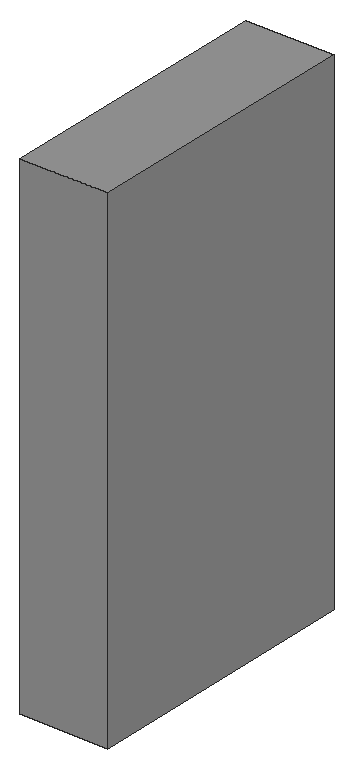
Revit family "PRE050016-FR", category Accessoire de canalisation, Revit 2017
Family settings
  Cote de connecteur circulaire = Utiliser le diamètre
  Type d'élément = Normal
  Basée sur le plan de construction = Non
  Toujours verticalement = Oui
  Couper avec des vides une fois chargée = Non
  Partagée = Non
Parameters (values of type "56201 PRESTO MITIGEUR ELECTRONIQUE SO'O PILE AVEC REHAUSSE")
  Variantes = "56201-56205-56207-56209-56211-56215-56221-56225-56231-56235"
  LC = 17.5 mm
  Garantie = "3"
  URL Fabricant = "http://www.prestodatashare.com/centretelechargement/index.php?lang=FR&refs=56201"
  URL = "http://www.prestodatashare.com/centretelechargement/index.php?lang=FR&refs=56201"
  Lien notice d'utilisation = "http://www.prestodatashare.com/centretelechargement/support.php?lang=FR&ref=56201"
  Lien fiche produit = "http://www.prestodatashare.com/espacedoc/Fiches_Techniques/FR/56201.pdf"
  Reference = "56201"
  Pression = "1 à 5 bars"
  Polantis code = "PRE050016-FR"
  Perte de charge = 0.0 Pa
  Profondeur = 176 mm
  Modèle = "56201 PRESTO MITIGEUR ELECTRONIQUE SO'O PILE AVEC REHAUSSE"
  Matériau = Laiton poli chromé
  Lien CCTP = "http://www.prestodatashare.com/centretelechargement/index.php?lang=FR&refs=56201"
  Largeur = 55 mm
  PC = 27.5 mm
  Hauteur = 311 mm
  Fonction = "Pression d'utilisation recommandée :\r\n- 1 à 5 bars\r\n\r\nDébit :\r\n- 3 l/mn par limiteur de débit intégré\r\n- Aérateur anti-tartre haute qualité (nouvel aérateur depuis Juin 2016)\r\n- Dispositif anti-coup de bélier\r\n\r\nAlimentation hydraulique:\r\n- G 3/8'' (12x17)\r\n\r\nAlimentation électrique :\r\n- Modèle avec pile lithium 6 volts type CRP2 dans boîtier intégré dans le corps du robinet\r\n\r\nMatière et couleur de finition :\r\n- Composants en métal injecté avec traitement nickel-chrome\r\n- Corps en métal moulé injecté\r\n\r\nRésistance thermique :\r\n- Ce robinet résiste à une température de 75°C durant 30 minutes dans le cadre de chocs thermiques\r\n\r\nSécurité :\r\n- Limitation de la température maximale par butée réglable\r\n- Fermeture automatique de l'électrovanne en cas d'écoulement > à 30s, d'usure de la pile ou de dégradation du détecteur\r\n\r\nLivré avec :\r\n- 2 Ecrous de fixation\r\n- 1 Joint et 1 rondelle\r\n- 2 Flexibles PEX avec écrou femelle 3/8'' (12x17) et Clapets anti-retour NF\r\n- 2 Robinets d'arrêts droits G 3/8'' (12x17)\r\n- 2 Joints filtre\r\n\r\nNormes / Agréments :\r\n- Traitement de surface Nickel-chrome selon NF EN12540\r\n- Résistance au brouillard salin neutre (NSS) : 200 h selon NF ISO 9227"
  Flux = 0.05 L/s
  Finition = "Composants en métal injecté avec traitement nickel-chrome\r\r\nCorps en métal moulé injecté"
  Fabricant = "LES ROBINETS PRESTO S.A."
  Diamètre Nominal = 12 mm
  Description = "Mitigeur à détection (CE) sur plage rehaussé avec sélecteur de température latérale. De type Presto So’o® réf. 56201 ou techniquement équivalent. Avec cellule optoélectronique, alimentation par pile lithium 6 V intégrée dans le robinet Limitation de la température maximale par butée réglable, régulateur de débit intégré (3 l/min).Système antiblocage interdisant l'écoulement en continu. Avec flexibles PEX et robinets d’arrêt filtres."
  Debit = "3 l/min par limiteur de débit intégré\r\r\nAérateur anti-tartre haute qualité\r\r\nDispositif anti-coup de bélier"
  Raccordement = "G 3/8'' (12x17)"
  Adresse = "7, RUE RACINE - 92542 MONTROUGE CEDEX FRANCE"
Types (10, lengths in mm): name | URL Fabricant | URL | Lien notice d'utilisation | Lien fiche produit | Reference | Polantis code | Modèle | Lien CCTP | Fonction | Description
  56201 PRESTO MITIGEUR ELECTRONIQUE SO'O PILE AVEC REHAUSSE | "http://www.prestodatashare.com/centretelechargement/index.php?lang=FR&refs=56201" | "http://www.prestodatashare.com/centretelechargement/index.php?lang=FR&refs=56201" | "http://www.prestodatashare.com/centretelechargement/support.php?lang=FR&ref=56201" | "http://www.prestodatashare.com/espacedoc/Fiches_Techniques/FR/56201.pdf" | "56201" | "PRE050016-FR" | "56201 PRESTO MITIGEUR ELECTRONIQUE SO'O PILE AVEC REHAUSSE" | "http://www.prestodatashare.com/centretelechargement/index.php?lang=FR&refs=56201" | "Pression d'utilisation recommandée :\r\n- 1 à 5 bars\r\n\r\nDébit :\r\n- 3 l/mn par limiteur de débit intégré\r\n- Aérateur anti-tartre haute qualité (nouvel aérateur depuis Juin 2016)\r\n- Dispositif anti-coup de bélier\r\n\r\nAlimentation hydraulique:\r\n- G 3/8'' (12x17)\r\n\r\nAlimentation électrique :\r\n- Modèle avec pile lithium 6 volts type CRP2 dans boîtier intégré dans le corps du robinet\r\n\r\nMatière et couleur de finition :\r\n- Composants en métal injecté avec traitement nickel-chrome\r\n- Corps en métal moulé injecté\r\n\r\nRésistance thermique :\r\n- Ce robinet résiste à une température de 75°C durant 30 minutes dans le cadre de chocs thermiques\r\n\r\nSécurité :\r\n- Limitation de la température maximale par butée réglable\r\n- Fermeture automatique de l'électrovanne en cas d'écoulement > à 30s, d'usure de la pile ou de dégradation du détecteur\r\n\r\nLivré avec :\r\n- 2 Ecrous de fixation\r\n- 1 Joint et 1 rondelle\r\n- 2 Flexibles PEX avec écrou femelle 3/8'' (12x17) et Clapets anti-retour NF\r\n- 2 Robinets d'arrêts droits G 3/8'' (12x17)\r\n- 2 Joints filtre\r\n\r\nNormes / Agréments :\r\n- Traitement de surface Nickel-chrome selon NF EN12540\r\n- Résistance au brouillard salin neutre (NSS) : 200 h selon NF ISO 9227" | "Mitigeur à détection (CE) sur plage rehaussé avec sélecteur de température latérale. De type Presto So’o® réf. 56201 ou techniquement équivalent. Avec cellule optoélectronique, alimentation par pile lithium 6 V intégrée dans le robinet Limitation de la température maximale par butée réglable, régulateur de débit intégré (3 l/min).Système antiblocage interdisant l'écoulement en continu. Avec flexibles PEX et robinets d’arrêt filtres."
  56231 PRESTO ROBINET SO'O SECTEUR AVEC REHAUSSE | "http://www.prestodatashare.com/centretelechargement/index.php?lang=FR&refs=56231" | "http://www.prestodatashare.com/centretelechargement/index.php?lang=FR&refs=56231" | "http://www.prestodatashare.com/centretelechargement/support.php?lang=FR&ref=56231" | "http://www.prestodatashare.com/espacedoc/Fiches_Techniques/FR/56231.pdf" | "56231" | "PRE050016h-FR" | "56231 PRESTO ROBINET SO'O SECTEUR AVEC REHAUSSE" | "http://www.prestodatashare.com/centretelechargement/index.php?lang=FR&refs=56231" | "Pression d'utilisation recommandée :\r\n- 1 à 5 bars\r\n\r\nDébit :\r\n- 3 l/mn par limiteur de débit intégré\r\n- Aérateur anti-tartre haute qualité (nouvel aérateur depuis Juin 2016)\r\n- Dispositif anti-coup de bélier\r\n\r\nAlimentation hydraulique:\r\n- G 3/8'' (12x17)\r\n\r\nAlimentation électrique :\r\n- Avec transformateur 230 Vac / 7 Vdc dans boîtier étanche IP65\r\n\r\nMatière et couleur de finition :\r\n- Composants en métal injecté avec traitement nickel-chrome\r\n- Corps en métal moulé injecté\r\n\r\nRésistance thermique :\r\n- Ce robinet résiste à une température de 75°C durant 30 minutes dans le cadre de chocs thermiques\r\n\r\nSécurité :\r\n- Fermeture automatique de l'électrovanne en cas d'écoulement > à 30s, de coupure secteur ou de dégradation du détecteur\r\n\r\nLivré avec :\r\n- 2 Ecrous de fixation\r\n- 1 Joint et 1 rondelle\r\n- Flexible PEX avec écrou femelle 3/8'' (12x17) et Clapet anti-retour NF\r\n- Robinet d'arrêt droit G 3/8'' (12x17)\r\n- Joint filtre\r\n\r\nNormes / Agréments :\r\n- Traitement de surface Nickel-chrome selon NF EN12540\r\n- Résistance au brouillard salin neutre (NSS) : 200 h selon NF ISO 9227" | "• Robinet simple sur plage rehaussé à détection (CE) sur plage. De type Presto So’o® réf. 56231 ou techniquement équivalent. Avec cellule optoélectronique, une alimentation secteur par transformateur 230/7 Volt déporté dans boîtier étanche IP65, régulateur de débit intégré (3 l/min).Système antiblocage interdisant l'écoulement en continu. Avec flexibles PEX et robinets d’arrêt filtres."
  56225 PRESTO ROBINET SO'O PILE AVEC REHAUSSE SS RA | "http://www.prestodatashare.com/centretelechargement/index.php?lang=FR&refs=56225" | "http://www.prestodatashare.com/centretelechargement/index.php?lang=FR&refs=56225" | "http://www.prestodatashare.com/centretelechargement/support.php?lang=FR&ref=56225" | "http://www.prestodatashare.com/espacedoc/Fiches_Techniques/FR/56225.pdf" | "56225" | "PRE050016g-FR" | "56225 PRESTO ROBINET SO'O PILE AVEC REHAUSSE SS RA" | "http://www.prestodatashare.com/centretelechargement/index.php?lang=FR&refs=56225" | "Pression d'utilisation recommandée :\r\n- 1 à 5 bars\r\n\r\nDébit :\r\n- 3 l/mn par limiteur de débit intégré\r\n- Aérateur anti-tartre haute qualité (nouvel aérateur depuis Juin 2016)\r\n- Dispositif anti-coup de bélier\r\n\r\nAlimentation hydraulique:\r\n- G 3/8'' (12x17)\r\n\r\nAlimentation électrique :\r\n- Modèle avec pile lithium 6 volts type CRP2 dans boîtier intégré dans le corps du robinet\r\n\r\nMatière et couleur de finition :\r\n- Composants en métal injecté avec traitement nickel-chrome\r\n- Corps en métal moulé injecté\r\n\r\nRésistance thermique :\r\n- Ce robinet résiste à une température de 75°C durant 30 minutes dans le cadre de chocs thermiques\r\n\r\nSécurité :\r\n- Fermeture automatique de l'électrovanne en cas d'écoulement > à 30s, d'usure de la pile ou de dégradation du détecteur\r\n\r\nLivré avec :\r\n- 2 Ecrous de fixation\r\n- 1 Joint et 1 rondelle\r\n- Flexible PEX avec écrou femelle 3/8'' (12x17) et Clapets anti-retour NF\r\n- 2 Joints filtre\r\n\r\nNormes / Agréments :\r\n- Traitement de surface Nickel-chrome selon NF EN12540\r\n- Résistance au brouillard salin neutre (NSS) : 200 h selon NF ISO 9227" | "Robinet électronique monobloc sur plage avec réhausse Presto SO’O référence 56225. Alimentation électrique par pile lithium 6V intégrée dans le corps du robinet. Agrément CE. Entreprise certifiée ISO 9001."
  56221 PRESTO ROBINET SO'O PILE AVEC REHAUSSE | "http://www.prestodatashare.com/centretelechargement/index.php?lang=FR&refs=56221" | "http://www.prestodatashare.com/centretelechargement/index.php?lang=FR&refs=56221" | "http://www.prestodatashare.com/centretelechargement/support.php?lang=FR&ref=56221" | "http://www.prestodatashare.com/espacedoc/Fiches_Techniques/FR/56221.pdf" | "56221" | "PRE050016f-FR" | "56221 PRESTO ROBINET SO'O PILE AVEC REHAUSSE" | "http://www.prestodatashare.com/centretelechargement/index.php?lang=FR&refs=56221" | "Pression d'utilisation recommandée :\r\n- 1 à 5 bars\r\n\r\nDébit :\r\n- 3 l/mn par limiteur de débit intégré\r\n- Aérateur anti-tartre haute qualité (nouvel aérateur depuis Juin 2016)\r\n- Dispositif anti-coup de bélier\r\n\r\nAlimentation hydraulique:\r\n- G 3/8'' (12x17)\r\n\r\nAlimentation électrique :\r\n- Modèle avec pile lithium 6 volts type CRP2 dans boîtier intégré dans le corps du robinet\r\n\r\nMatière et couleur de finition :\r\n- Composants en métal injecté avec traitement nickel-chrome\r\n- Corps en métal moulé injecté\r\n\r\nRésistance thermique :\r\n- Ce robinet résiste à une température de 75°C durant 30 minutes dans le cadre de chocs thermiques\r\n\r\nSécurité :\r\n- Fermeture automatique de l'électrovanne en cas d'écoulement > à 30s, d'usure de la pile ou de dégradation du détecteur\r\n\r\nLivré avec :\r\n- 2 Ecrous de fixation\r\n- 1 Joint et 1 rondelle\r\n- Flexible PEX avec écrou femelle 3/8'' (12x17) et Clapet anti-retour NF\r\n- Robinet d'arrêt droit G 3/8'' (12x17)\r\n- Joint filtre\r\n\r\nNormes / Agréments :\r\n- Traitement de surface Nickel-chrome selon NF EN12540\r\n- Résistance au brouillard salin neutre (NSS) : 200 h selon NF ISO 9227" | "Robinet simple sur plage rehaussé à détection (CE) sur plage. De type Presto So’o® réf. 56221 ou techniquement équivalent. Avec cellule optoélectronique, alimentation par pile lithium 6 V intégrée dans le robinet, régulateur de débit intégré (3 l/min).Système antiblocage interdisant l'écoulement en continu. Avec flexibles PEX et robinets d’arrêt filtres."
  56215 PRESTO MITIGEUR ELECTRONIQUE SO'O SECTEUR AVEC REHAUSSE SS RA | "http://www.prestodatashare.com/centretelechargement/index.php?lang=FR&refs=56215" | "http://www.prestodatashare.com/centretelechargement/index.php?lang=FR&refs=56215" | "http://www.prestodatashare.com/centretelechargement/support.php?lang=FR&ref=56215" | "http://www.prestodatashare.com/espacedoc/Fiches_Techniques/FR/56215.pdf" | "56215" | "PRE050016e-FR" | "56215 PRESTO MITIGEUR ELECTRONIQUE SO'O SECTEUR AVEC REHAUSSE SS RA" | "http://www.prestodatashare.com/centretelechargement/index.php?lang=FR&refs=56215" | "Pression d'utilisation recommandée :\r\n- 1 à 5 bars\r\n\r\nDébit :\r\n- 3 l/mn par limiteur de débit intégré\r\n- Aérateur anti-tartre haute qualité\r\n- Dispositif anti-coup de bélier\r\n\r\nAlimentation hydraulique:\r\n- G 3/8'' (12x17)\r\n\r\nAlimentation électrique :\r\n- Avec transformateur 230 Vac / 7 Vdc dans boîtier étanche IP65\r\n\r\nMatière et couleur de finition :\r\n- Composants en métal injecté avec traitement nickel-chrome\r\n- Corps en métal moulé injecté\r\n\r\nRésistance thermique :\r\n- Ce robinet résiste à une température de 75°C durant 30 minutes dans le cadre de chocs thermiques\r\n\r\nSécurité :\r\n- Limitation de la température maximale par butée réglable\r\n- Fermeture automatique de l'électrovanne en cas d'écoulement > à 30s, de coupure secteur ou de dégradation du détecteur\r\n\r\nLivré avec :\r\n- 2 Ecrous de fixation\r\n- 1 Joint et 1 rondelle\r\n- 2 Flexibles PEX avec écrou femelle 3/8'' (12x17) et Clapets anti-retour NF\r\n- 2 Joints filtre\r\n\r\nNormes / Agréments :\r\n- Traitement de surface Nickel-chrome selon NF EN12540\r\n- Résistance au brouillard salin neutre (NSS) : 200 h selon NF ISO 9227" | "Mitigeur électronique monobloc sur plage avec réhausse Presto SO’O référence 56215. Alimentation électrique par transformateur dans boîtier IP65. Blocage de température 6 positions. Agrément CE. Entreprise certifiée ISO 9001."
  56211 PRESTO MITIGEUR ELECTRONIQUE SO'O SECTEUR AVEC REHAUSSE | "http://www.prestodatashare.com/centretelechargement/index.php?lang=FR&refs=56211" | "http://www.prestodatashare.com/centretelechargement/index.php?lang=FR&refs=56211" | "http://www.prestodatashare.com/centretelechargement/support.php?lang=FR&ref=56211" | "http://www.prestodatashare.com/espacedoc/Fiches_Techniques/FR/56211.pdf" | "56211" | "PRE050016d-FR" | "56211 PRESTO MITIGEUR ELECTRONIQUE SO'O SECTEUR AVEC REHAUSSE" | "http://www.prestodatashare.com/centretelechargement/index.php?lang=FR&refs=56211" | "Pression d'utilisation recommandée :\r\n- 1 à 5 bars\r\n\r\nDébit :\r\n- 3 l/mn par limiteur de débit intégré\r\n- Aérateur anti-tartre haute qualité (nouvel aérateur depuis Juin 2016)\r\n- Dispositif anti-coup de bélier\r\n\r\nAlimentation hydraulique:\r\n- G 3/8'' (12x17)\r\n\r\nAlimentation électrique :\r\n- Avec transformateur 230 Vac / 7 Vdc dans boîtier étanche IP65\r\n\r\nMatière et couleur de finition :\r\n- Composants en métal injecté avec traitement nickel-chrome\r\n- Corps en métal moulé injecté\r\n\r\nRésistance thermique :\r\n- Ce robinet résiste à une température de 75°C durant 30 minutes dans le cadre de chocs thermiques\r\n\r\nSécurité :\r\n- Limitation de la température maximale par butée réglable\r\n- Fermeture automatique de l'électrovanne en cas d'écoulement > à 30s, de coupure secteur ou de dégradation du détecteur\r\n\r\nLivré avec :\r\n- 2 Ecrous de fixation\r\n- 1 Joint et 1 rondelle\r\n- 2 Flexibles PEX avec écrou femelle 3/8'' (12x17) et Clapets anti-retour NF\r\n- 2 Robinets d'arrêts droits G 3/8'' (12x17)\r\n- 2 Joints filtre\r\n\r\nNormes / Agréments :\r\n- Traitement de surface Nickel-chrome selon NF EN12540\r\n- Résistance au brouillard salin neutre (NSS) : 200 h selon NF ISO 9227" | "Mitigeur à détection (CE) sur plage rehaussé avec sélecteur de température latérale. De type Presto So’o® réf. 56211 ou techniquement équivalent. Avec cellule optoélectronique, alimentation secteur (transformateur 230/7 Volt déporté dans boîtier étanche IP65). Limitation de la température maximale par butée réglable, régulateur de débit intégré (3 l/min).Système antiblocage interdisant l'écoulement en continu. Avec flexibles PEX et robinets d’arrêt filtres."
  56209 PRESTO MITIGEUR ELECTRONIQUE SO'O BLANC PILE AVEC REHAUSSE | "http://www.prestodatashare.com/centretelechargement/index.php?lang=FR&refs=56209" | "http://www.prestodatashare.com/centretelechargement/index.php?lang=FR&refs=56209" | "http://www.prestodatashare.com/centretelechargement/support.php?lang=FR&ref=56209" | "http://www.prestodatashare.com/espacedoc/Fiches_Techniques/FR/56209.pdf" | "56209" | "PRE050016c-FR" | "56209 PRESTO MITIGEUR ELECTRONIQUE SO'O BLANC PILE AVEC REHAUSSE" | "http://www.prestodatashare.com/centretelechargement/index.php?lang=FR&refs=56209" | "Pression d'utilisation recommandée :\r\n- 1 à 5 bars\r\n\r\nDébit :\r\n- 3 l/mn par limiteur de débit intégré\r\n- Aérateur anti-tartre haute qualité (nouvel aérateur depuis Juin 2016)\r\n- Dispositif anti-coup de bélier\r\n\r\nAlimentation hydraulique:\r\n- G 3/8'' (12x17)\r\n\r\nAlimentation électrique :\r\n- Modèle avec pile lithium 6 volts type CRP2 dans boîtier intégré dans le corps du robinet\r\n\r\nMatière et couleur de finition :\r\n- Composants en métal injecté avec traitement nickel-chrome\r\n- Corps en métal moulé injecté\r\n\r\nRésistance thermique :\r\n- Ce robinet résiste à une température de 75°C durant 30 minutes dans le cadre de chocs thermiques\r\n\r\nSécurité :\r\n- Limitation de la température maximale par butée réglable\r\n- Fermeture automatique de l'électrovanne en cas d'écoulement > à 30s, d'usure de la pile ou de dégradation du détecteur\r\n\r\nLivré avec :\r\n- 2 Ecrous de fixation\r\n- 1 Joint et 1 rondelle\r\n- 2 Flexibles PEX avec écrou femelle 3/8'' (12x17) et Clapets anti-retour NF\r\n- 2 Robinets d'arrêts droits G 3/8'' (12x17)\r\n- 2 Joints filtre\r\n\r\nNormes / Agréments :\r\n- Traitement de surface Nickel-chrome selon NF EN12540\r\n- Résistance au brouillard salin neutre (NSS) : 200 h selon NF ISO 9227" | "Mitigeur à détection (CE) sur plage rehaussé avec sélecteur de température latérale. De type Presto So’o® réf. 56209 ou techniquement équivalent. Avec cellule optoélectronique, alimentation par pile lithium 6 V intégrée dans le robinet Limitation de la température maximale par butée réglable, régulateur de débit intégré (3 l/min), capot blanc. Système antiblocage interdisant l'écoulement en continu. Avec flexibles PEX et robinets d’arrêt filtres."
  56207 PRESTO MITIGEUR ELECTRONIQUE SO'O NOIR PILE AVEC REHAUSSE | "http://www.prestodatashare.com/centretelechargement/index.php?lang=FR&refs=56207" | "http://www.prestodatashare.com/centretelechargement/index.php?lang=FR&refs=56207" | "http://www.prestodatashare.com/centretelechargement/support.php?lang=FR&ref=56207" | "http://www.prestodatashare.com/espacedoc/Fiches_Techniques/FR/56207.pdf" | "56207" | "PRE050016b-FR" | "56207 PRESTO MITIGEUR ELECTRONIQUE SO'O NOIR PILE AVEC REHAUSSE" | "http://www.prestodatashare.com/centretelechargement/index.php?lang=FR&refs=56207" | "Pression d'utilisation recommandée :\r\n- 1 à 5 bars\r\n\r\nDébit :\r\n- 3 l/mn par limiteur de débit intégré\r\n- Aérateur anti-tartre haute qualité (nouvel aérateur depuis Juin 2016)\r\n- Dispositif anti-coup de bélier\r\n\r\nAlimentation hydraulique:\r\n- G 3/8'' (12x17)\r\n\r\nAlimentation électrique :\r\n- Modèle avec pile lithium 6 volts type CRP2 dans boîtier intégré dans le corps du robinet\r\n\r\nMatière et couleur de finition :\r\n- Composants en métal injecté avec traitement nickel-chrome\r\n- Corps en métal moulé injecté\r\n\r\nRésistance thermique :\r\n- Ce robinet résiste à une température de 75°C durant 30 minutes dans le cadre de chocs thermiques\r\n\r\nSécurité :\r\n- Limitation de la température maximale par butée réglable\r\n- Fermeture automatique de l'électrovanne en cas d'écoulement > à 30s, d'usure de la pile ou de dégradation du détecteur\r\n\r\nLivré avec :\r\n- 2 Ecrous de fixation\r\n- 1 Joint et 1 rondelle\r\n- 2 Flexibles PEX avec écrou femelle 3/8'' (12x17) et Clapets anti-retour NF\r\n- 2 Robinets d'arrêts droits G 3/8'' (12x17)\r\n- 2 Joints filtre\r\n\r\nNormes / Agréments :\r\n- Traitement de surface Nickel-chrome selon NF EN12540\r\n- Résistance au brouillard salin neutre (NSS) : 200 h selon NF ISO 9227" | "Mitigeur électronique monobloc sur plage avec réhausse Presto SO’O référence 56201. Alimentation électrique par pile lithium 6V intégrée dans le corps du robinet et robinets d’arrêts droits. Blocage de température 6 positions. Agrément CE. Entreprise certifiée ISO 9001."
  56205 PRESTO MITIGEUR ELECTRONIQUE SO'O PILE AVEC REHAUSSE SS RA | "http://www.prestodatashare.com/centretelechargement/index.php?lang=FR&refs=56205" | "http://www.prestodatashare.com/centretelechargement/index.php?lang=FR&refs=56205" | "http://www.prestodatashare.com/centretelechargement/support.php?lang=FR&ref=56205" | "http://www.prestodatashare.com/espacedoc/Fiches_Techniques/FR/56205.pdf" | "56205" | "PRE050016a-FR" | "56205 PRESTO MITIGEUR ELECTRONIQUE SO'O PILE AVEC REHAUSSE SS RA" | "http://www.prestodatashare.com/centretelechargement/index.php?lang=FR&refs=56205" | "Pression d'utilisation recommandée :\r\n- 1 à 5 bars\r\n\r\nDébit :\r\n- 3 l/mn par limiteur de débit intégré\r\n- Aérateur anti-tartre haute qualité (nouvel aérateur depuis Juin 2016)\r\n- Dispositif anti-coup de bélier\r\n\r\nAlimentation hydraulique:\r\n- G 3/8'' (12x17)\r\n\r\nAlimentation électrique :\r\n- Modèle avec pile lithium 6 volts type CRP2 dans boîtier intégré dans le corps du robinet\r\n\r\nMatière et couleur de finition :\r\n- Composants en métal injecté avec traitement nickel-chrome\r\n- Corps en métal moulé injecté\r\n\r\nRésistance thermique :\r\n- Ce robinet résiste à une température de 75°C durant 30 minutes dans le cadre de chocs thermiques\r\n\r\nSécurité :\r\n- Limitation de la température maximale par butée réglable\r\n- Fermeture automatique de l'électrovanne en cas d'écoulement > à 30s, d'usure de la pile ou de dégradation du détecteur\r\n\r\nLivré avec :\r\n- 2 Ecrous de fixation\r\n- 1 Joint et 1 rondelle\r\n- 2 Flexibles PEX avec écrou femelle 3/8'' (12x17) et Clapets anti-retour NF\r\n- 2 Joints filtre\r\n\r\nNormes / Agréments :\r\n- Traitement de surface Nickel-chrome selon NF EN12540\r\n- Résistance au brouillard salin neutre (NSS) : 200 h selon NF ISO 9227" | "Mitigeur électronique monobloc sur plage avec réhausse Presto SO’O référence 56205. Alimentation électrique par pile lithium 6V intégrée dans le corps du robinet. Blocage de température 6 positions. Agrément CE. Entreprise certifiée ISO 9001."
  56235 PRESTO ROBINET SO'O SECTEUR AVEC REHAUSSE SS RA | "http://www.prestodatashare.com/centretelechargement/index.php?lang=FR&refs=56235" | "http://www.prestodatashare.com/centretelechargement/index.php?lang=FR&refs=56235" | "http://www.prestodatashare.com/centretelechargement/support.php?lang=FR&ref=56235" | "http://www.prestodatashare.com/espacedoc/Fiches_Techniques/FR/56235.pdf" | "56235" | "PRE050016i-FR" | "56235 PRESTO ROBINET SO'O SECTEUR AVEC REHAUSSE SS RA" | "http://www.prestodatashare.com/centretelechargement/index.php?lang=FR&refs=56235" | "Pression d'utilisation recommandée :\r\n- 1 à 5 bars\r\n\r\nDébit :\r\n- 3 l/mn par limiteur de débit intégré\r\n- Aérateur anti-tartre haute qualité (nouvel aérateur depuis Juin 2016)\r\n- Dispositif anti-coup de bélier\r\n\r\nAlimentation hydraulique:\r\n- G 3/8'' (12x17)\r\n\r\nAlimentation électrique :\r\n- Avec transformateur 230 Vac / 7 Vdc dans boîtier étanche IP65\r\n\r\nMatière et couleur de finition :\r\n- Composants en métal injecté avec traitement nickel-chrome\r\n- Corps en métal moulé injecté\r\n\r\nRésistance thermique :\r\n- Ce robinet résiste à une température de 75°C durant 30 minutes dans le cadre de chocs thermiques\r\n\r\nSécurité :\r\n- Fermeture automatique de l'électrovanne en cas d'écoulement > à 30s, de coupure secteur ou de dégradation du détecteur\r\n\r\nLivré avec :\r\n- 2 Ecrous de fixation\r\n- 1 Joint et 1 rondelle\r\n- Flexible PEX avec écrou femelle 3/8'' (12x17) et Clapet anti-retour NF\r\n- Joint filtre\r\n\r\nNormes / Agréments :\r\n- Traitement de surface Nickel-chrome selon NF EN12540\r\n- Résistance au brouillard salin neutre (NSS) : 200 h selon NF ISO 9227" | "Robinet électronique monobloc sur plage avec réhausse Presto SO’O référence 56235. Alimentation électrique par transformateur dans boîtier étanche IP65. Agrément CE. Entreprise certifiée ISO 9001."
Reference planes
  plane 1 "Centre (avant/arrière)": y = 0
  plane 2: z = 0
  plane 3 "Centre (gauche/droite)": x = 0
  plane 4: y = -176
  plane 5: x = 55
  plane 6: z = 311
  plane 7: x = 27.5
  plane 8: z = 1
  plane 9: y = -27.5
  plane 10: x = 17.5
  plane 11: x = 37.5
Forms (mm)
  Extrusion 1, solid, material "Laiton poli chromé" <- "Matériau", detail levels fine
    sketch origin (0, 0, 0) x (1, 0, 0) y (0, 1, 0)
      loop
        line (0, 0) -> (0, -176) -> (55, -176) -> (55, 0) -> (0, 0)
    from 0 to 311
  Extrusion 2, solid, material "Laiton poli chromé" <- "Matériau", detail levels fine
    sketch origin (0, 0, 0) x (1, 0, 0) y (0, 1, 0)
      loop
        circle (17.5, -27.5) r 5
    from 0 to 1
  Extrusion 3, solid, material "Laiton poli chromé" <- "Matériau", detail levels fine
    sketch origin (0, 0, 0) x (1, 0, 0) y (0, 1, 0)
      loop
        circle (37.5, -27.5) r 5
    from 0 to 1
Cuts and joins
  joined: Extrusion 1, Extrusion 2, Extrusion 3
Dimensions and locks
  "Profondeur": plane 1 "Centre (avant/arrière)" to plane 4
  "Largeur": plane 3 "Centre (gauche/droite)" to plane 5
  "Hauteur": plane 6 to level
  equal spacing: plane 3 "Centre (gauche/droite)", plane 7, plane 5
  locked: plane 8 to plane 2 at 1
  "PC": plane 1 "Centre (avant/arrière)" to plane 9
  "LC": plane 3 "Centre (gauche/droite)" to plane 10
  "LC": plane 11 to plane 5
  aligned and locked: level to plane 2
  aligned and locked: plane 1 "Centre (avant/arrière)" to Extrusion 1 sketch curve
  aligned and locked: plane 3 "Centre (gauche/droite)" to Extrusion 1 sketch curve
  aligned and locked: plane 4 to Extrusion 1 sketch curve
  aligned and locked: plane 5 to Extrusion 1 sketch curve
  aligned and locked: plane 6 to Extrusion 1
  aligned and locked: plane 8 to Extrusion 2
  aligned and locked: plane 8 to Extrusion 3
  aligned and locked: plane 9 to nested 1
  aligned and locked: plane 7 to nested 1
  aligned and locked: nested 2 to plane 3 "Centre (gauche/droite)"
  aligned and locked: plane 1 "Centre (avant/arrière)" to nested 2
Automatic sketch dimensions
  Extrusion 2 sketch curve to plane 9 = 0 mm
  Extrusion 2 sketch curve to plane 10 = 0 mm
  Extrusion 3 sketch curve to plane 9 = 0 mm
  Extrusion 3 sketch curve to plane 11 = 0 mm
  radius of Extrusion 2 sketch curve = 5 mm
  radius of Extrusion 3 sketch curve = 5 mm
Nested families
  nested 1: "SymboliqueA6" at (0, -27.5, 0) x (0, 1, 0) z (0, 0, 1), type "SymboliqueA6", detail levels coarse+medium
  nested 2: "S2DA6" at (55, -88, 0) x (0, 1, 0) z (0, 0, 1), type "S2DA6", detail levels coarse+medium
Connectors
  piping at (17.5, -27.5, 0), diameter 12, driven by "Diamètre Nominal", driven by "Flux", driven by "Perte de charge"
    settings: on Extrusion 2, index 3, connector inside diameter 609.6 mm, connector length 0 mm, flow factor 0, pipe flow 0.05 L/s, pressure drop 0.0 Pa, fitting loss kfactor 0, connector angle 0.00°, fixture units 0, engagement length 0 mm, angle of deflection 0.00°, flow configuration 0, flow direction 1, fitting loss method 4, system type 19, joint type 0, gender type 0, connector reference index -1, connector utility 0, adjustable connector no, is connector primary yes, connector description ""
  piping at (37.5, -27.5, 0), diameter 12, driven by "Flux", driven by "Perte de charge", driven by "Diamètre Nominal"
    settings: on Extrusion 3, index 4, connector inside diameter 609.6 mm, connector length 0 mm, flow factor 0, pipe flow 0.05 L/s, pressure drop 0.0 Pa, fitting loss kfactor 0, connector angle 0.00°, fixture units 0, engagement length 0 mm, angle of deflection 0.00°, flow configuration 0, flow direction 1, fitting loss method 4, system type 20, joint type 0, gender type 0, connector reference index -1, connector utility 0, adjustable connector no, is connector primary no, connector description ""
Definition of nested family "SymboliqueA6"
  Parameters (values of type "SymboliqueA6")
    V = yes
    P = 1000 mm
    L = 1000 mm
    H = 1000 mm
  Reference planes
    plane 1 "Centre (avant/arrière)": y = 0
    plane 2: z = 0
    plane 3 "Centre (gauche/droite)": x = 0
    plane 4: y = -1000
    plane 5: x = -500
    plane 6: x = 500
    plane 7: z = 1000
    plane 8: z = 500
    plane 9: y = -500
  Lines and regions (mm)
    model lines
      curve 1: line (0, -1000, 1000) -> (0, 0, 0)
      curve 2: line (0, 0, 0) -> (0, -1000, 0)
      curve 3: line (0, -1000, 0) -> (0, 0, 1000)
      curve 4: line (0, 0, 1000) -> (0, -1000, 1000)
  Dimensions and locks
    "H": plane 7 to plane 2
    equal spacing: plane 5, plane 3 "Centre (gauche/droite)", plane 6
    "L": plane 5 to plane 6
    equal spacing: plane 7, plane 8, level
    equal spacing: plane 4, plane 9, plane 1 "Centre (avant/arrière)"
    "P": plane 1 "Centre (avant/arrière)" to plane 4
    aligned and locked: level to plane 2
  Automatic sketch dimensions
    curve 3 to level = 0 mm
    curve 1 to plane 1 "Centre (avant/arrière)" = 0 mm
    curve 1 to plane 7 = 0 mm
    curve 3 to plane 4 = 0 mm
    curve 3 to plane 1 "Centre (avant/arrière)" = 0 mm
    curve 4 to plane 4 = 0 mm
Definition of nested family "S2DA6"
  Parameters (values of type "S2DA6")
    P = 788.322 mm
    L = 1600 mm
    H = 1250.021 mm
  Reference planes
    plane 1 "Centre (avant/arrière)": y = 0
    plane 2: z = 0
    plane 3 "Centre (gauche/droite)": x = 0
    plane 4: y = 788.322
    plane 5: x = -800
    plane 6: x = 800
    plane 7: y = 394.161
    plane 8: z = 1250.021
    plane 9: z = 625.01
  Lines and regions (mm)
    symbolic lines
      curve 1: line (-800, 788.322, 0) -> (800, 0, 0)
      curve 2: line (800, 0, 0) -> (800, 788.322, 0)
      curve 3: line (800, 788.322, 0) -> (-800, 0, 0)
      curve 4: line (-800, 0, 0) -> (-800, 788.322, 0)
      curve 5: line (800, 0, 1250.021) -> (-800, 0, 1250.021)
      curve 6: line (-800, 0, 1250.021) -> (800, 0, 0)
      curve 7: line (800, 0, 0) -> (-800, 0, 0)
      curve 8: line (800, 0, 1250.021) -> (-800, 0, 0)
      curve 9: line (0, 788.322, 0) -> (0, 0, 1250.021)
      curve 10: line (0, 0, 1250.021) -> (0, 788.322, 1250.021)
      curve 11: line (0, 788.322, 1250.021) -> (0, 0, 0)
      curve 12: line (0, 0, 0) -> (0, 788.322, 0)
  Dimensions and locks
    equal spacing: plane 5, plane 3 "Centre (gauche/droite)", plane 6
    equal spacing: plane 1 "Centre (avant/arrière)", plane 7, plane 4
    "P": plane 1 "Centre (avant/arrière)" to plane 4
    "L": plane 5 to plane 6
    equal spacing: plane 8, plane 9, level
    "H": plane 8 to plane 2
    aligned and locked: level to plane 2
  Automatic sketch dimensions
    plane 1 "Centre (avant/arrière)" to curve 3 = 0 mm
    curve 1 to plane 4 = 0 mm
    curve 3 to plane 4 = 0 mm
    plane 1 "Centre (avant/arrière)" to curve 2 = 0 mm
    curve 3 to plane 6 = 0 mm
    curve 4 to plane 5 = 0 mm
    curve 10 to plane 1 "Centre (avant/arrière)" = 0 mm
    curve 10 to plane 8 = 0 mm
    curve 11 to plane 4 = 0 mm
    curve 12 to level = 0 mm
    curve 12 to plane 1 "Centre (avant/arrière)" = 0 mm
    curve 12 to plane 4 = 0 mm
    plane 5 to curve 5 = 0 mm
    curve 8 to level = 0 mm
    plane 5 to curve 8 = 0 mm
    plane 6 to curve 7 = 0 mm
    plane 6 to curve 8 = 0 mm
    curve 6 to plane 8 = 0 mm
